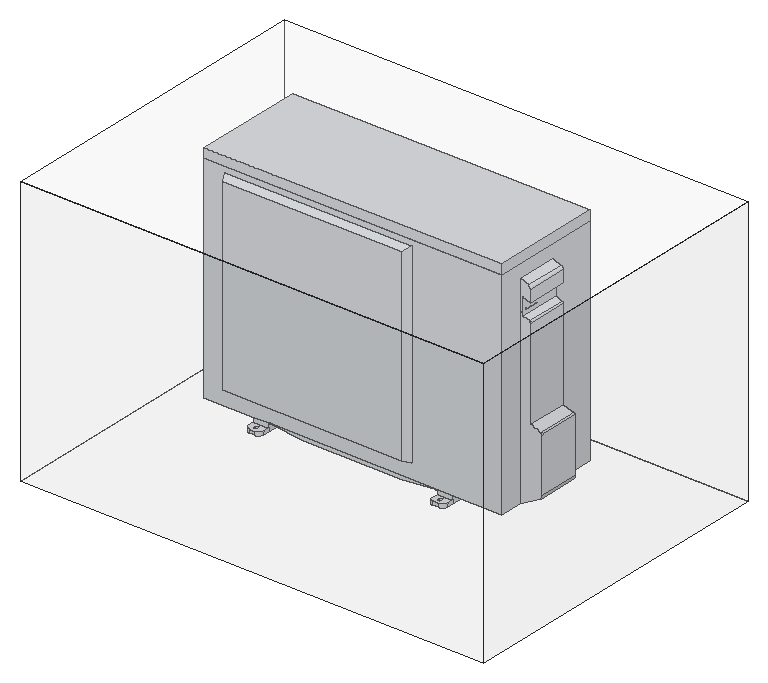
Revit family "puz-ermp4063ska14_60hz", category 機械設備, Revit 2019
Family settings
  丸型コネクタ寸法 = 直径を使用
  パーツ タイプ = 標準
  OmniClass 番号 = 23.75.10.24.21.27.27
  OmniClass タイトル = Split System Air Conditioning Units
  作業面ベース = いいえ
  常に垂直 = はい
  ロード時にボイドで切り取り = いいえ
  共有 = いいえ
  部屋計算ポイント = いいえ
Parameters (values of type "室外機_PUZ-ERMP40KA14 (-BS_BSG)")
  音響パワーレベル_暖房 (dB) = 66
  音響パワーレベル_冷房 (dB) = 64
  音響パワーレベル(dB) = [音響パワーレベル_暖房 (dB)]  # 66
  電源種別 = ""
  電源位置Y = 61 mm
  電源位置Z = 497.7 mm
  電源位置X = 400 mm
  電圧 = 200 V
  電動機出力_送風機 = 0.04 kW
  電動機出力_圧縮機 = 0.7 kW
  集中コントローラ [instance] = ""
  運転質量 = 0.00 kg
  運転方法 = "冷暖切替"
  質量 = if(製品質量 > 運転質量, 製品質量, 運転質量) * 1.2  # 45.60 kg
  負荷分類 = 1_熱源類
  説明 = "空冷H/P PAC インバータ室外機"
  設計暖房能力 [instance] = 0 kW
  設計冷房能力_顕熱 [instance] = 0 kW
  設計冷房能力 [instance] = 0 kW
  設置方法 = "床置形"
  記号 [instance] = ""
  製造元 = "三菱電機株式会社"
  製品質量 = 38.00 kg
  製品出荷対象 = "国内"
  製品リリース年月 = ""
  製品グループ = ""
  系統 [instance] = ""
  符号 = "PAC"
  積算_科目 = "1 空気調和設備"
  積算_拾い区分 [instance] = ""
  相 = 3
  盤記号 [instance] = ""
  発停方法 = "付属スイッチ"
  特殊仕様 [instance] = ""
  消費電力_暖房 = 0 kW
  消費電力_冷房 = 0 kW
  消費電力 = if(消費電力_冷房 > 消費電力_暖房, 消費電力_冷房, 消費電力_暖房)  # 0 kW
  法定耐用年数 = "6"
  構成品番 = "PUZ-ERMP40KA14 (-BS,-BSG)"
  極数 = 3
  材質 [instance] = ""
  本体マテリアル = none
  最小電線太さ_mm2 = 2
  最大電流値 = 0 A
  暖房能力 = 4 kW
  推奨ブレーカー容量 = 15 A
  据付ピッチ1 = 0 mm
  形式 = "パッケージ形 室外機"
  形名 = PUZ-ZRMP-1 : PUZ-ZRMP-1
  幹線記号 [instance] = ""
  始動方式 = "インバータ始動方式"
  呼称 = "パッケージ形空気調和機_室外機"
  周波数 = 60 Hz
  価格 = 0
  ドレン　位置Z = 8.5 mm
  ドレン　位置Y = 48.5 mm
  ドレン　位置X = 404.5 mm
  アンカーボルト位置Y = 330 mm
  アンカーボルト位置X = 500 mm
  参照している仕様書等のバージョン = "公共建築物標準仕様書（機械設備工事編）平成31年度版"
  分類コード = "5.0053E+13"
  分類グループ = ""
  冷房能力 = 3.6 kW
  冷媒管（ガス）位置X = 420 mm
  冷媒管（液）位置X = 420 mm
  冷媒管（液）位置Y = 153.75 mm
  冷媒管（ガス）位置Y = 153.75 mm
  冷媒管長 [instance] = 0 mm
  冷媒管径符号 = "Ac"
  冷媒管径 = 60.00 mm
  冷媒管位置Z = 158.95 mm
  冷媒管位置Y = (冷媒管（液）位置Y + 冷媒管（ガス）位置Y) / 2  # 153.75 mm
  冷媒管位置X = (冷媒管（液）位置X + 冷媒管（ガス）位置X) / 2  # 420 mm
  冷媒液管径 = 6.35 mm
  冷媒ガス管径 = 12.70 mm
  企業コード = "108420"
  付属品 [instance] = ""
  仕様書バージョン = "Version1.0"
  ユニット数 = 1
  ユニット3 = yes
  ユニット2 = yes
  Model = ""
  ドレン管径 = 42.00 mm
  サービススペース = yes
  コメント [instance] = ""
  ケーブル種類1 = ""
  【値が 0 の項目は組合せ形名にてご確認ください】 = ""
  Width = 809 mm
  Version = ""
  Uniclass2015Version = "Systems v1.9"
  Uniclass2015Title = "Split coil remote air cooled condensing units"
  Uniclass2015Code = "Pr_70_65_03_84"
  URL = "https://www.mitsubishielectric.co.jp/ldg/wink/ssl/top.do"
  SpecificationReference = ""
  SpecificationDescription = ""
  Revision = ""
  ProductInformation = ""
  OmniClassCode = "23-33 17 13 11"
  IfcTypeProduct = ""
  IfcProduct = ""
  IfcExportType = "AIRCONDITIONINGUNIT"
  IfcExportAs = "IfcUnitaryEquipmentType"
  Height = 630 mm
  Depth = 300 mm
  Clearance Top = 100 mm
  Clearance Right = 350 mm
  Clearance Left = 100 mm
  Clearance Front = 500 mm
  Clearance Bottom = 0 mm
  Clearance Back = 100 mm
  COP = 0
  Author = "三菱電機株式会社"
  APF = 0
Reference planes
  plane 1 "中心(正面/背面)": y = 74
  plane 2: z = 0
  plane 3 "中心(左/右)": x = 830
  plane 4 "右": x = 1234.5
  plane 5 "左": x = 425.5
  plane 6 "背面": y = 224
  plane 7 "正面": y = -76
  plane 8 "上部": z = 630
  plane 9 "Clearanse Top": z = 730
  plane 10 "SS_back": y = 324
  plane 11 "SS_front": y = -576
  plane 12 "SS_left": x = 325.5
  plane 13 "SS_right": x = 1584.5
  plane 14: z = 0
  plane 15: y = -15
  plane 16: x = 1230
  plane 17: z = 497.7
  plane 18: y = -13
  plane 19: y = 70.25
  plane 20: x = 1250
  plane 21: y = 175.5
  plane 22: x = 830
  plane 23: z = 10.5
  plane 24: z = 8.5
  plane 25: x = 580
  plane 26: x = 1080
  plane 27: y = 239
  plane 28: y = -91
Forms (mm)
  Extrusion 1, solid, detail levels fine
    sketch origin (0, -76, 0) x (1, 0, 0) y (0, 0, 1)
      loop
        circle (1230, 497.7) r 13.5
    from -63 to -61
  Extrusion 2, solid, detail levels fine
    sketch origin (-1437.329, -1524, 54) x (-1, 0, 0) y (0, -1, 0)
      loop
        circle (-2267.329, -1699.5) r 21
    from -45.5 to -43.5
  Sweep 3, solid, material <- "本体マテリアル", detail levels fine
    path origin (1250, 1296.25, 1200) x (0, 1, 0) y (0, 0, 1)
      loop
        line (-1226, -1041.05) -> (-1272.623, -1084.565)
    profile origin (1250, 46.939, 137.193) x (0, 0.682318, -0.731055) y (1, 0, 0)
      loop
        circle (0, 0) r 30
Lines and regions (mm)
  model lines, not visible
    curve 1: line (460, 178.667, 1289.179) -> (460, 297.73, 1289.179)
    curve 2: line (460, 178.667, 1056.056) -> (460, 178.667, 1289.179)
    curve 3: line (460, 297.73, 1056.056) -> (460, 178.667, 1056.056)
    curve 4: line (460, 297.73, 1289.179) -> (460, 297.73, 1056.056)
    curve 5: line (460, 47.598, 1289.179) -> (460, 166.661, 1289.179)
    curve 6: line (460, 47.598, 1056.056) -> (460, 47.598, 1289.179)
    curve 7: line (460, 166.661, 1056.056) -> (460, 47.598, 1056.056)
    curve 8: line (460, 166.661, 1289.179) -> (460, 166.661, 1056.056)
    curve 9: line (460, -83.471, 1289.179) -> (460, 35.592, 1289.179)
    curve 10: line (460, -83.471, 1056.056) -> (460, -83.471, 1289.179)
    curve 11: line (460, 35.592, 1056.056) -> (460, -83.471, 1056.056)
    curve 12: line (460, 35.592, 1289.179) -> (460, 35.592, 1056.056)
    curve 13: line (460, -150.779, 1289.179) -> (460, -95.75, 1289.179)
    curve 14: line (460, -150.779, 1056.056) -> (460, -150.779, 1289.179)
    curve 15: line (460, -95.75, 1056.056) -> (460, -150.779, 1056.056)
    curve 16: line (460, -95.75, 1289.179) -> (460, -95.75, 1056.056)
    curve 17: line (460, -150.779, 1283.175) -> (460, -132.596, 1283.175)
    curve 18: line (460, -150.779, 1062.059) -> (460, -150.779, 1283.175)
    curve 19: line (460, -132.596, 1062.059) -> (460, -150.779, 1062.059)
    curve 20: line (460, -132.596, 1283.175) -> (460, -132.596, 1062.059)
    curve 21: line (460, 178.667, 1046.051) -> (460, 297.73, 1046.051)
    curve 22: line (460, 178.667, 812.928) -> (460, 178.667, 1046.051)
    curve 23: line (460, 297.73, 812.928) -> (460, 178.667, 812.928)
    curve 24: line (460, 297.73, 1046.051) -> (460, 297.73, 812.928)
    curve 25: line (460, 47.598, 1046.051) -> (460, 166.661, 1046.051)
    curve 26: line (460, 47.598, 812.928) -> (460, 47.598, 1046.051)
    curve 27: line (460, 166.661, 812.928) -> (460, 47.598, 812.928)
    curve 28: line (460, 166.661, 1046.051) -> (460, 166.661, 812.928)
    curve 29: line (460, -83.471, 1046.051) -> (460, 35.592, 1046.051)
    curve 30: line (460, -83.471, 812.928) -> (460, -83.471, 1046.051)
    curve 31: line (460, 35.592, 812.928) -> (460, -83.471, 812.928)
    curve 32: line (460, 35.592, 1046.051) -> (460, 35.592, 812.928)
    curve 33: line (460, -150.779, 1046.051) -> (460, -95.75, 1046.051)
    curve 34: line (460, -150.779, 812.928) -> (460, -150.779, 1046.051)
    curve 35: line (460, -95.75, 812.928) -> (460, -150.779, 812.928)
    curve 36: line (460, -95.75, 1046.051) -> (460, -95.75, 812.928)
    curve 37: line (460, -150.779, 1040.048) -> (460, -132.596, 1040.048)
    curve 38: line (460, -150.779, 818.931) -> (460, -150.779, 1040.048)
    curve 39: line (460, -132.596, 818.931) -> (460, -150.779, 818.931)
    curve 40: line (460, -132.596, 1040.048) -> (460, -132.596, 818.931)
    curve 41: line (460, 178.667, 802.923) -> (460, 297.73, 802.923)
    curve 42: line (460, 178.667, 569.8) -> (460, 178.667, 802.923)
    curve 43: line (460, 297.73, 569.8) -> (460, 178.667, 569.8)
    curve 44: line (460, 297.73, 802.923) -> (460, 297.73, 569.8)
    curve 45: line (460, 47.598, 802.923) -> (460, 166.661, 802.923)
    curve 46: line (460, 47.598, 569.8) -> (460, 47.598, 802.923)
    curve 47: line (460, 166.661, 569.8) -> (460, 47.598, 569.8)
    curve 48: line (460, 166.661, 802.923) -> (460, 166.661, 569.8)
    curve 49: line (460, -83.471, 802.923) -> (460, 35.592, 802.923)
    curve 50: line (460, -83.471, 569.8) -> (460, -83.471, 802.923)
    curve 51: line (460, 35.592, 569.8) -> (460, -83.471, 569.8)
    curve 52: line (460, 35.592, 802.923) -> (460, 35.592, 569.8)
    curve 53: line (460, -150.779, 802.923) -> (460, -95.75, 802.923)
    curve 54: line (460, -150.779, 569.8) -> (460, -150.779, 802.923)
    curve 55: line (460, -95.75, 569.8) -> (460, -150.779, 569.8)
    curve 56: line (460, -95.75, 802.923) -> (460, -95.75, 569.8)
    curve 57: line (460, -150.779, 796.92) -> (460, -132.596, 796.92)
    curve 58: line (460, -150.779, 575.803) -> (460, -150.779, 796.92)
    curve 59: line (460, -132.596, 575.803) -> (460, -150.779, 575.803)
    curve 60: line (460, -132.596, 796.92) -> (460, -132.596, 575.803)
    curve 61: line (460, 178.667, 559.795) -> (460, 297.73, 559.795)
    curve 62: line (460, 178.667, 326.672) -> (460, 178.667, 559.795)
    curve 63: line (460, 297.73, 326.672) -> (460, 178.667, 326.672)
    curve 64: line (460, 297.73, 559.795) -> (460, 297.73, 326.672)
    curve 65: line (460, 47.598, 559.795) -> (460, 166.661, 559.795)
    curve 66: line (460, 47.598, 326.672) -> (460, 47.598, 559.795)
    curve 67: line (460, 166.661, 326.672) -> (460, 47.598, 326.672)
    curve 68: line (460, 166.661, 559.795) -> (460, 166.661, 326.672)
    curve 69: line (460, -83.471, 559.795) -> (460, 35.592, 559.795)
    curve 70: line (460, -83.471, 326.672) -> (460, -83.471, 559.795)
    curve 71: line (460, 35.592, 326.672) -> (460, -83.471, 326.672)
    curve 72: line (460, 35.592, 559.795) -> (460, 35.592, 326.672)
    curve 73: line (460, -150.779, 559.795) -> (460, -95.75, 559.795)
    curve 74: line (460, -150.779, 326.672) -> (460, -150.779, 559.795)
    curve 75: line (460, -95.75, 326.672) -> (460, -150.779, 326.672)
    curve 76: line (460, -95.75, 559.795) -> (460, -95.75, 326.672)
    curve 77: line (460, -150.779, 553.792) -> (460, -132.596, 553.792)
    curve 78: line (460, -150.779, 332.675) -> (460, -150.779, 553.792)
    curve 79: line (460, -132.596, 332.675) -> (460, -150.779, 332.675)
    curve 80: line (460, -132.596, 553.792) -> (460, -132.596, 332.675)
    curve 81: line (460, 178.667, 316.667) -> (460, 297.73, 316.667)
    curve 82: line (460, 178.667, 83.544) -> (460, 178.667, 316.667)
    curve 83: line (460, 297.73, 83.544) -> (460, 178.667, 83.544)
    curve 84: line (460, 297.73, 316.667) -> (460, 297.73, 83.544)
    curve 85: line (460, 47.598, 316.667) -> (460, 166.661, 316.667)
    curve 86: line (460, 47.598, 83.544) -> (460, 47.598, 316.667)
    curve 87: line (460, 166.661, 83.544) -> (460, 47.598, 83.544)
    curve 88: line (460, 166.661, 316.667) -> (460, 166.661, 83.544)
    curve 89: line (460, -83.471, 316.667) -> (460, 35.592, 316.667)
    curve 90: line (460, -83.471, 83.544) -> (460, -83.471, 316.667)
    curve 91: line (460, 35.592, 83.544) -> (460, -83.471, 83.544)
    curve 92: line (460, 35.592, 316.667) -> (460, 35.592, 83.544)
    curve 93: line (460, -150.779, 316.667) -> (460, -95.75, 316.667)
    curve 94: line (460, -150.779, 83.544) -> (460, -150.779, 316.667)
    curve 95: line (460, -95.75, 83.544) -> (460, -150.779, 83.544)
    curve 96: line (460, -95.75, 316.667) -> (460, -95.75, 83.544)
    curve 97: line (460, -150.779, 310.664) -> (460, -132.596, 310.664)
    curve 98: line (460, -150.779, 89.547) -> (460, -150.779, 310.664)
    curve 99: line (460, -132.596, 89.547) -> (460, -150.779, 89.547)
    curve 100: line (460, -132.596, 310.664) -> (460, -132.596, 89.547)
Dimensions and locks
  equal spacing: plane 7 "正面", plane 1 "中心(正面/背面)", plane 6 "背面"
  "Depth": plane 7 "正面" to plane 6 "背面"
  "Width": plane 5 "左" to plane 4 "右"
  equal spacing: plane 5 "左", plane 3 "中心(左/右)", plane 4 "右"
  "Clearance Left": plane 12 "SS_left" to plane 5 "左"
  "Clearance Right": plane 4 "右" to plane 13 "SS_right"
  "Clearance Back": plane 6 "背面" to plane 10 "SS_back"
  "Clearance Front": plane 11 "SS_front" to plane 7 "正面"
  "Height": plane 8 "上部" to level
  "Clearance Top": plane 9 "Clearanse Top" to plane 8 "上部"
  "Clearance Bottom": level to plane 14
  "電源位置X": plane 3 "中心(左/右)" to plane 16
  "電源位置Y": plane 7 "正面" to plane 15
  "電源位置Z": plane 17 to level
  locked: plane 15 to plane 18 at 2
  "冷媒管位置X": plane 3 "中心(左/右)" to plane 20
  "冷媒管位置Y": plane 19 to plane 6 "背面"
  "ドレン　位置X": plane 5 "左" to plane 22
  "ドレン　位置Y": plane 21 to plane 6 "背面"
  locked: plane 23 to plane 24 at 2
  "ドレン　位置Z": plane 24 to level
  equal spacing: plane 28, plane 1 "中心(正面/背面)", plane 27
  "アンカーボルト位置Y": plane 28 to plane 27
  equal spacing: plane 25, plane 3 "中心(左/右)", plane 26
  "アンカーボルト位置X": plane 25 to plane 26
  radius of Extrusion 1 sketch curve = 13.5 mm
  "ドレン管径": diameter of Extrusion 2 sketch curve
  "冷媒管径": diameter of Sweep 3 sketch curve
  aligned and locked: level to plane 2
  aligned and locked: plane 10 "SS_back" to nested 1  (x2)
  aligned and locked: plane 13 "SS_right" to nested 1
  aligned and locked: plane 12 "SS_left" to nested 1  (x2)
  aligned and locked: nested 1 to plane 13 "SS_right"
  aligned and locked: plane 11 "SS_front" to nested 1
  aligned and locked: plane 9 "Clearanse Top" to nested 1
  aligned and locked: plane 1 "中心(正面/背面)" to nested 2
  aligned and locked: plane 3 "中心(左/右)" to nested 2
  aligned and locked: plane 14 to nested 1
  aligned and locked: plane 17 to Extrusion 1 sketch curve
  aligned and locked: plane 16 to Extrusion 1 sketch curve
  aligned and locked: Extrusion 1 to plane 18
  aligned and locked: plane 15 to Extrusion 1
  aligned and locked: plane 22 to Extrusion 2 sketch curve
  aligned and locked: plane 21 to Extrusion 2 sketch curve
  aligned and locked: plane 23 to Extrusion 2
  aligned and locked: Extrusion 2 to plane 24
  aligned and locked: plane 25 to nested 3
  aligned and locked: plane 27 to nested 3
Automatic sketch dimensions
  Sweep 3 sketch curve to plane 18 = 36.627 mm
  plane 1 "中心(正面/背面)" to Sweep 3 sketch curve = 3.75 mm
  plane 23 to Sweep 3 sketch curve = 104.935 mm
  Sweep 3 sketch curve to Sweep 3 sketch curve = 43.515 mm
  Sweep 3 sketch curve to plane 20 = 0 mm
  Sweep 3 sketch curve to profile plane = 0 mm
Nested families
  nested 1: "サービススペース" at (955, -126, 365), visible <- "サービススペース", type "サービススペース"
    with Width 1259 mm, Height 730 mm, Depth 900 mm
  nested 2: "PUZ-ZRMP-1" at (830, 74, 0), type <- "形名", type "PUZ-ZRMP-1"
  nested 3: "固定点" at (580, -91, 0), type "固定点"
    with 中心円 10 mm, W 500 mm, D 330 mm
Connectors
  electrical at (1230, -15, 497.7), driven by "極数", driven by "負荷分類", driven by "電圧", driven by "消費電力"
    settings: on Extrusion 1, index 2, voltage 200 V, apparent load 0 VA, apparent load phase1 0 VA, apparent load phase2 0 VA, apparent load phase3 0 VA, power factor 1, load classification "1_熱源類", number of poles 3, system type 30, power factor state 1, is connector primary yes, connector utility no, sub classification motor no, connector description ""
  piping at (1250, 70.25, 158.95), diameter 60, driven by "冷媒管径", driven by "冷媒管径符号"
    settings: on Sweep 3, index 3, connector inside diameter 609.60 mm, connector length 0 mm, flow factor 0, pipe flow 0.0 L/s, pressure drop 0.0 Pa, fitting loss kfactor 0, connector angle 0.00°, fixture units 0, engagement length 0 mm, angle of deflection 0.00°, flow configuration 1, flow direction 2, fitting loss method 4, system type 7, joint type 0, gender type 0, connector reference index -1, connector utility 0, adjustable connector no, is connector primary yes, connector description "Ac"
Definition of nested family "サービススペース"
  Parameters (values of type "サービススペース")
    Width [instance] = 500 mm
    Height [instance] = 500 mm
    Depth [instance] = 500 mm
  Reference planes
    plane 1 "中心(正面/背面)": y = 0
    plane 2: z = 0
    plane 3 "中心(左/右)": x = 0
    plane 4: y = -250
    plane 5: x = 250
    plane 6: y = 250
    plane 7: x = -250
    plane 8: z = 250
    plane 9: z = -250
  Forms (mm)
    Extrusion 1, solid
      sketch origin (-638.939, 0, 72.39) x (1, 0, 0) y (0, 1, 0)
        loop
          line (388.939, 250) -> (388.939, -250) -> (888.939, -250) -> (888.939, 250) -> (388.939, 250)
      from -322.39 to 177.61
  Lines and regions (mm)
    symbolic lines
      curve 1: line (-250, 0, 250) -> (250, 0, 250)
      curve 2: line (-250, 0, -250) -> (-250, 0, 250)
      curve 3: line (250, 0, -250) -> (-250, 0, -250)
      curve 4: line (250, 0, 250) -> (250, 0, -250)
      curve 5: line (0, -250, 250) -> (0, 250, 250)
      curve 6: line (0, -250, -250) -> (0, -250, 250)
      curve 7: line (0, 250, -250) -> (0, -250, -250)
      curve 8: line (0, 250, 250) -> (0, 250, -250)
      curve 9: line (-250, 250, 0) -> (250, 250, 0)
      curve 10: line (-250, -250, 0) -> (-250, 250, 0)
      curve 11: line (250, -250, 0) -> (-250, -250, 0)
      curve 12: line (250, 250, 0) -> (250, -250, 0)
  Dimensions and locks
    equal spacing: plane 7, plane 3 "中心(左/右)", plane 5
    equal spacing: plane 4, plane 1 "中心(正面/背面)", plane 6
    "Depth": plane 4 to plane 6
    "Width": plane 7 to plane 5
    equal spacing: plane 8, plane 2, plane 9
    "Height": plane 8 to plane 9
    aligned and locked: plane 9 to curve 3
    aligned and locked: plane 7 to curve 2
    aligned and locked: curve 4 to plane 5
    aligned and locked: plane 5 to Extrusion 1
    aligned and locked: Extrusion 1 to plane 7
    aligned and locked: Extrusion 1 to plane 9
    aligned and locked: plane 8 to Extrusion 1
    aligned and locked: plane 9 to curve 7
  Automatic sketch dimensions
    plane 4 to Extrusion 1 sketch curve = 0 mm
    Extrusion 1 sketch curve to plane 7 = 0 mm
    Extrusion 1 sketch curve to plane 5 = 0 mm
    plane 6 to Extrusion 1 sketch curve = 0 mm
    curve 2 to plane 8 = 0 mm
    plane 4 to curve 11 = 0 mm
    curve 11 to plane 7 = 0 mm
    curve 11 to plane 5 = 0 mm
    plane 6 to curve 10 = 0 mm
    curve 7 to plane 4 = 0 mm
    curve 7 to plane 6 = 0 mm
    curve 6 to plane 8 = 0 mm
Definition of nested family "PUZ-ZRMP-1"
  Parameters (values of type "PUZ-ZRMP-1")
    配線取出口サイズ = 27 mm
    配線取出口-Z = 497.7 mm
    配線取出口-Y = 239 mm
    配線取出口-X = 400 mm
    液配管サイズ = 50 mm
    高さ = 630 mm
    換気-W = 310 mm
    換気-H2 = 632 mm
    換気-H1 = 325 mm
    換気-D = 20 mm
    奥行き = 300 mm
    吊りボルト_H = 0 mm
    吊りボルト-φ = 10 mm
    冷媒配管サイズ = 6.35 mm
    冷媒液管径-Z = 164.5 mm
    冷媒液管径-Y = 185.5 mm
    冷媒液管径-X = 420 mm
    冷媒ガス管径-Z = 99.5 mm
    冷媒ガス管径-Y = 185.5 mm
    冷媒ガス管径-X = 420 mm
    吊りボルト-W = 500 mm
    マテリアル = none
    ドレン配管サイズ = 42 mm
    ドレン管径-Z = 0 mm
    ドレン管径-Y = 251.5 mm
    ドレン管径-X = 404.5 mm
    タイプ3 = no
    タイプ2 = no
    タイプ1 = yes
    ガス配管サイズ = 12.7 mm
    吊りボルト-D = 330 mm
    幅さ = 809 mm
    a = 600 mm
  Reference planes
    plane 1 "中心(正面/背面)": y = 0
    plane 2: z = 0
    plane 3 "中心(左/右)": x = 0
    plane 4: z = 630
    plane 5: x = -404.5
    plane 6: x = 404.5
    plane 7: y = 150
    plane 8: y = -150
    plane 9: x = 466.5
    plane 10: y = -90
    plane 11: y = 20
    plane 12: z = 605
    plane 13: x = -424.5
    plane 14: x = -250
    plane 15: x = 250
    plane 16: y = 165
    plane 17: y = -165
    plane 18: x = 270
    plane 19: x = 230
    plane 20: x = -230
    plane 21: x = -270
    plane 22: y = 180
    plane 23: y = -180
    plane 24: z = 8.5
    plane 25: z = 20
    plane 26: z = 11.5
    plane 27: x = -135
    plane 28: x = 135
    plane 29: z = 625
    plane 30: y = -40
    plane 31: y = 40
    plane 32: y = -30
    plane 33: y = 30
    plane 34: z = 610
    plane 35: z = 55
    plane 36: z = 225
    plane 37: z = 570
    plane 38: x = 414.5
    plane 39: x = 435.5
    plane 40: y = -170
    plane 41: x = -94.5
    plane 42: z = 325
    plane 43: x = 159.5
    plane 44: x = -348.5
    plane 45: z = 589
    plane 46: z = 61
    plane 47: x = -338.5
    plane 48: x = 149.5
    plane 49: z = 579
    plane 50: z = 71
    plane 51: y = 100
    plane 52: y = -100
    plane 53: x = 0
    plane 54: y = 101.5
    plane 55: x = 420
    plane 56: x = 400
    plane 57: y = -89
    plane 58: y = -35.5
    plane 59: y = -35.5
    plane 60: x = 420
    plane 61: z = 99.5
    plane 62: z = 164.5
    plane 63: z = 497.7
    plane 64: y = -39
    plane 65: z = 137.3
    plane 66: z = 180.6
    plane 67: x = 420
    plane 68: y = -35.5
    plane 69 "グループ": x = -600
    plane 70: z = 1338
    plane 71: z = 943
    plane 72: z = 957
    plane 73: z = 1221
    plane 74: z = 693
    plane 75: z = 1211
    plane 76: z = 703
    plane 77: y = -12.5
    plane 78: y = 5
    plane 79: y = -3.75
  Forms (mm)
    Extrusion 1, solid, visible <- "タイプ1", detail levels fine
      sketch origin (-1437.329, -1524, 630) x (-1, 0, 0) y (0, -1, 0)
        loop
          line (-1167.329, -1674) -> (-1167.329, -1374) -> (-1207.329, -1374) -> (-1207.329, -1674) -> (-1167.329, -1674)
        loop
          line (-1667.329, -1674) -> (-1667.329, -1374) -> (-1707.329, -1374) -> (-1707.329, -1674) -> (-1667.329, -1674)
      from -630 to -610
    Extrusion 2, solid, material <- "マテリアル", visible <- "タイプ1", detail levels fine
      sketch origin (0, 0, 0) x (1, 0, 0) y (0, 0, 1)
        loop
          line (-230, 20) -> (-135, 11.5) -> (135, 11.5) -> (230, 20) -> (-230, 20)
      from -150 to 150
    Extrusion 3, solid, material <- "マテリアル", visible <- "タイプ1", detail levels fine
      sketch origin (-1437.329, -1524, 630) x (-1, 0, 0) y (0, -1, 0)
        loop
          circle (-1437.329, -1625.5) r 21
      from -621.5 to -618.5
    Extrusion 4, solid, material <- "マテリアル", visible <- "タイプ1", detail levels fine
      sketch origin (-1437.329, -1524, 630) x (-1, 0, 0) y (0, -1, 0)
        loop
          line (-1841.829, -1674) -> (-1032.829, -1674) -> (-1032.829, -1374) -> (-1841.829, -1374) -> (-1841.829, -1674)
      from -610 to -25
    Extrusion 5, solid, material <- "マテリアル", visible <- "タイプ1", detail levels fine
      sketch origin (-1437.329, -1524, 630) x (-1, 0, 0) y (0, -1, 0)
        loop
          line (-1032.829, -1674) -> (-1032.829, -1374) -> (-1841.829, -1374) -> (-1841.829, -1674) -> (-1032.829, -1674)
      from -25 to 0
    Blend 6, solid, material <- "マテリアル", visible <- "タイプ1", detail levels fine
      base sketch origin (0, 0, 0) x (0, 1, 0) y (0, 0, 1)
        loop
          line (40, 625) -> (-40, 625) -> (-40, 605) -> (40, 605) -> (40, 625)
      top sketch origin (0, 0, 0) x (0, 1, 0) y (0, 0, 1)
        loop
          line (30, 610) -> (-30, 610) -> (-30, 605) -> (30, 605) -> (30, 610)
      from -404.5 to -424.5
    Extrusion 7, solid, material <- "マテリアル", visible <- "タイプ1", detail levels fine
      sketch origin (0, 0, 0) x (1, 0, 0) y (0, 0, 1)
        loop
          line (404.5, 570) -> (404.5, 20) -> (461.416, 52.13)
          arc (461.416, 52.13) -> (465.136, 55.796) -> (466.5, 60.838) r 10
          line (466.5, 60.838) -> (466.5, 210.216)
          arc (466.5, 210.216) -> (465.596, 213.084) -> (463.21, 214.914) r 5
          line (463.21, 214.914) -> (435.5, 225) -> (435.5, 470.082)
          arc (435.5, 470.082) -> (434.596, 472.95) -> (432.21, 474.78) r 5
          line (432.21, 474.78) -> (414.5, 481.226) -> (414.5, 529.114) -> (435.5, 521.471) -> (435.5, 551.715)
          arc (435.5, 551.715) -> (433.692, 557.451) -> (428.92, 561.112) r 10
          line (428.92, 561.112) -> (404.5, 570)
      from -20 to 90
    Blend 8, solid, material <- "マテリアル", visible <- "タイプ1", detail levels fine
      base sketch origin (0, 0, 0) x (1, 0, 0) y (0, 0, 1)
        loop
          line (-348.5, 589) -> (-348.5, 61) -> (159.5, 61) -> (159.5, 589) -> (-348.5, 589)
      top sketch origin (0, 0, 0) x (1, 0, 0) y (0, 0, 1)
        loop
          line (-338.5, 579) -> (-338.5, 71) -> (149.5, 71) -> (149.5, 579) -> (-338.5, 579)
      from 150 to 170
    Extrusion 9, solid, material <- "マテリアル", visible <- "タイプ1", detail levels fine
      sketch origin (1480.036, -170, 1200) x (1, 0, 0) y (0, 0, 1)
        loop
          circle (-1080.036, -702.3) r 13.5
      from -131 to -81
    Extrusion 10, solid, visible <- "タイプ1", detail levels fine
      sketch origin (-1437.329, -1524, 630) x (-1, 0, 0) y (0, -1, 0)
        loop
          line (-1167.329, -1704) -> (-1167.329, -1674) -> (-1207.329, -1674) -> (-1207.329, -1704) -> (-1192.329, -1704) -> (-1192.329, -1689)
          arc (-1192.329, -1689) -> (-1187.329, -1684) -> (-1182.329, -1689) r 5
          line (-1182.329, -1689) -> (-1182.329, -1704) -> (-1167.329, -1704)
        loop
          line (-1667.329, -1704) -> (-1667.329, -1674) -> (-1707.329, -1674) -> (-1707.329, -1704) -> (-1692.329, -1704) -> (-1692.329, -1689)
          arc (-1692.329, -1689) -> (-1687.329, -1684) -> (-1682.329, -1689) r 5
          line (-1682.329, -1689) -> (-1682.329, -1704) -> (-1667.329, -1704)
        loop
          line (-1667.329, -1374) -> (-1667.329, -1354)
          arc (-1667.329, -1354) -> (-1670.258, -1346.929) -> (-1677.329, -1344) r 10
          line (-1677.329, -1344) -> (-1694.129, -1344)
          arc (-1694.129, -1344) -> (-1703.463, -1347.866) -> (-1707.329, -1357.2) r 13.2
          line (-1707.329, -1357.2) -> (-1707.329, -1374) -> (-1667.329, -1374)
        loop
          line (-1167.329, -1374) -> (-1167.329, -1357.2)
          arc (-1167.329, -1357.2) -> (-1171.196, -1347.866) -> (-1180.529, -1344) r 13.2
          line (-1180.529, -1344) -> (-1194.129, -1344)
          arc (-1194.129, -1344) -> (-1203.463, -1347.866) -> (-1207.329, -1357.2) r 13.2
          line (-1207.329, -1357.2) -> (-1207.329, -1374) -> (-1167.329, -1374)
        loop
          arc (-1192.329, -1359) -> (-1187.329, -1364) -> (-1182.329, -1359) r 5
          line (-1182.329, -1359) -> (-1182.329, -1357.2)
          arc (-1182.329, -1357.2) -> (-1187.329, -1352.2) -> (-1192.329, -1357.2) r 5
          line (-1192.329, -1357.2) -> (-1192.329, -1359)
        loop
          arc (-1692.329, -1359) -> (-1687.329, -1364) -> (-1682.329, -1359) r 5
          line (-1682.329, -1359) -> (-1682.329, -1357.2)
          arc (-1682.329, -1357.2) -> (-1687.329, -1352.2) -> (-1692.329, -1357.2) r 5
          line (-1692.329, -1357.2) -> (-1692.329, -1359)
      from -621.5 to -630
    Sweep 11, solid, material <- "マテリアル", visible <- "タイプ1", detail levels fine
      path origin (420, 1296.25, 1200) x (0, 1, 0) y (0, 0, 1)
        loop
          line (-1331.75, -1035.5) -> (-1308.75, -1019.4)
      profile origin (420, -24, 172.55) x (0, -0.573462, 0.819232) y (1, 0, 0)
        loop
          circle (0, 0) r 3.175
    Sweep 12, solid, material <- "マテリアル", visible <- "タイプ1", detail levels fine
      path origin (420, 1296.25, 1200) x (0, 1, 0) y (0, 0, 1)
        loop
          line (-1331.75, -1100.5) -> (-1291.25, -1062.7)
      profile origin (420, -15.25, 118.4) x (0, -0.682318, 0.731055) y (1, 0, 0)
        loop
          circle (0, 0) r 6.35
  Lines and regions (mm)
    Masking region 1, visible <- "タイプ1", detail levels coarse+medium
      outline origin (-1437.329, -1524, 630) x (-1, 0, 0) y (0, -1, 0)
        loop
          line (-1841.829, -1674) -> (-1707.329, -1674) -> (-1707.329, -1704) -> (-1667.329, -1704) -> (-1667.329, -1674) -> (-1207.329, -1674) -> (-1207.329, -1704) -> (-1167.329, -1704) -> (-1167.329, -1674) -> (-1032.829, -1674) -> (-1032.829, -1564) -> (-1012.829, -1554) -> (-1012.829, -1494) -> (-1032.829, -1484) -> (-1032.829, -1374) -> (-1088.829, -1374) -> (-1098.829, -1354) -> (-1164.523, -1354)
          arc (-1164.523, -1354) -> (-1169.205, -1346.796) -> (-1177.329, -1344) r 13.2
          line (-1177.329, -1344) -> (-1193.997, -1344)
          arc (-1193.997, -1344) -> (-1202.121, -1346.796) -> (-1206.804, -1354) r 13.2
          line (-1206.804, -1354) -> (-1586.829, -1354) -> (-1596.829, -1374) -> (-1667.329, -1374) -> (-1667.329, -1354)
          arc (-1667.329, -1354) -> (-1670.258, -1346.929) -> (-1677.329, -1344) r 10
          line (-1677.329, -1344) -> (-1694.129, -1344)
          arc (-1694.129, -1344) -> (-1703.463, -1347.866) -> (-1707.329, -1357.2) r 13.2
          line (-1707.329, -1357.2) -> (-1707.329, -1374) -> (-1841.829, -1374) -> (-1841.829, -1434) -> (-1903.829, -1434) -> (-1903.829, -1544) -> (-1841.829, -1544) -> (-1841.829, -1674)
    model lines, visible <- "タイプ1", detail levels fine
      curve 1: line (324.5, 100, 630) -> (-324.5, 100, 630)
      curve 2: line (-324.5, -100, 630) -> (324.5, -100, 630)
      curve 3: line (-324.5, -40, 630) -> (324.5, -40, 630)
      curve 4: line (324.5, 40, 630) -> (-324.5, 40, 630)
      curve 5: line (-324.5, -30, 630) -> (324.5, -30, 630)
      curve 6: line (324.5, 30, 630) -> (-324.5, 30, 630)
      curve 7: line (-324.5, 100, 630) -> (-324.5, 40, 630)
      curve 8: line (324.5, -100, 630) -> (324.5, -40, 630)
      curve 9: line (-324.5, 30, 630) -> (-324.5, -30, 630)
      curve 10: line (-324.5, -40, 630) -> (-324.5, -100, 630)
      curve 11: line (324.5, -30, 630) -> (324.5, 30, 630)
      curve 12: line (324.5, 40, 630) -> (324.5, 100, 630)
      curve 13: line (354.5, -100, 630) -> (354.5, 100, 630)
      curve 14: line (339.5, -100, 630) -> (339.5, 100, 630)
      curve 15: line (-354.5, 100, 630) -> (-354.5, -100, 630)
      curve 16: line (-339.5, 100, 630) -> (-339.5, -100, 630)
      curve 17: line (-339.5, 100, 630) -> (-354.5, 100, 630)
      curve 18: line (-339.5, -100, 630) -> (-354.5, -100, 630)
      curve 19: line (339.5, 100, 630) -> (354.5, 100, 630)
      curve 20: line (339.5, -100, 630) -> (354.5, -100, 630)
      curve 21: line (-338.5, -170, 372.5) -> (149.5, -170, 372.5)
      curve 22: line (149.5, -170, 277.5) -> (-338.5, -170, 277.5)
      curve 23: line (-338.5, -170, 467.5) -> (149.5, -170, 467.5)
      curve 24: line (-338.5, -170, 562.5) -> (149.5, -170, 562.5)
      curve 25: line (149.5, -170, 182.5) -> (-338.5, -170, 182.5)
      curve 26: line (149.5, -170, 87.5) -> (-338.5, -170, 87.5)
      curve 27: line (-321.071, -170, 579) -> (-321.071, -170, 71)
      curve 28: line (132.071, -170, 71) -> (132.071, -170, 579)
      curve 29: line (-303.643, -170, 579) -> (-303.643, -170, 71)
      curve 30: line (-286.214, -170, 579) -> (-286.214, -170, 71)
      curve 31: line (-268.786, -170, 579) -> (-268.786, -170, 71)
      curve 32: line (-251.357, -170, 579) -> (-251.357, -170, 71)
      curve 33: line (-233.929, -170, 579) -> (-233.929, -170, 71)
      curve 34: line (-216.5, -170, 579) -> (-216.5, -170, 71)
      curve 35: line (-199.071, -170, 579) -> (-199.071, -170, 71)
      curve 36: line (-181.643, -170, 579) -> (-181.643, -170, 71)
      curve 37: line (-164.214, -170, 579) -> (-164.214, -170, 71)
      curve 38: line (-146.786, -170, 579) -> (-146.786, -170, 71)
      curve 39: line (-129.357, -170, 579) -> (-129.357, -170, 71)
      curve 40: line (-111.929, -170, 579) -> (-111.929, -170, 71)
      curve 41: line (-94.5, -170, 579) -> (-94.5, -170, 71)
      curve 42: line (-77.071, -170, 579) -> (-77.071, -170, 71)
      curve 43: line (-59.643, -170, 579) -> (-59.643, -170, 71)
      curve 44: line (-42.214, -170, 579) -> (-42.214, -170, 71)
      curve 45: line (-24.786, -170, 579) -> (-24.786, -170, 71)
      curve 46: line (-7.357, -170, 579) -> (-7.357, -170, 71)
      curve 47: line (10.071, -170, 579) -> (10.071, -170, 71)
      curve 48: line (27.5, -170, 579) -> (27.5, -170, 71)
      curve 49: line (44.929, -170, 579) -> (44.929, -170, 71)
      curve 50: line (62.357, -170, 579) -> (62.357, -170, 71)
      curve 51: line (79.786, -170, 579) -> (79.786, -170, 71)
      curve 52: line (97.214, -170, 579) -> (97.214, -170, 71)
      curve 53: line (114.643, -170, 579) -> (114.643, -170, 71)
      curve 54: line (-404.5, -10, 574) -> (-404.5, -10, 584)
      curve 55: line (-404.5, -100, 584) -> (-404.5, -100, 574)
      curve 56: line (-404.5, 100, 584) -> (-404.5, 100, 574)
      curve 57: line (-404.5, 10, 584) -> (-404.5, 10, 574)
      curve 58: line (-404.5, 95, 589) -> (-404.5, 15, 589)
      curve 59: line (-404.5, -15, 589) -> (-404.5, -95, 589)
      curve 60: line (-404.5, -15, 569) -> (-404.5, -95, 569)
      curve 61: line (-404.5, 95, 569) -> (-404.5, 15, 569)
      curve 62: arc (-404.5, 100, 584) -> (-404.5, 98.536, 587.536) -> (-404.5, 95, 589) r 5
      curve 63: arc (-404.5, 95, 569) -> (-404.5, 98.536, 570.464) -> (-404.5, 100, 574) r 5
      curve 64: arc (-404.5, 10, 584) -> (-404.5, 11.464, 587.536) -> (-404.5, 15, 589) r 5
      curve 65: arc (-404.5, 10, 574) -> (-404.5, 11.464, 570.464) -> (-404.5, 15, 569) r 5
      curve 66: arc (-404.5, -10, 584) -> (-404.5, -11.464, 587.536) -> (-404.5, -15, 589) r 5
      curve 67: arc (-404.5, -15, 569) -> (-404.5, -11.464, 570.464) -> (-404.5, -10, 574) r 5
      curve 68: arc (-404.5, -95, 589) -> (-404.5, -98.536, 587.536) -> (-404.5, -100, 584) r 5
      curve 69: arc (-404.5, -100, 574) -> (-404.5, -98.536, 570.464) -> (-404.5, -95, 569) r 5
      curve 70: line (-404.5, -10, 544) -> (-404.5, -10, 554)
      curve 71: line (-404.5, -100, 554) -> (-404.5, -100, 544)
      curve 72: line (-404.5, 100, 554) -> (-404.5, 100, 544)
      curve 73: line (-404.5, 10, 554) -> (-404.5, 10, 544)
      curve 74: line (-404.5, 95, 559) -> (-404.5, 15, 559)
      curve 75: line (-404.5, -15, 559) -> (-404.5, -95, 559)
      curve 76: line (-404.5, -15, 539) -> (-404.5, -95, 539)
      curve 77: line (-404.5, 95, 539) -> (-404.5, 15, 539)
      curve 78: arc (-404.5, 100, 554) -> (-404.5, 98.536, 557.536) -> (-404.5, 95, 559) r 5
      curve 79: arc (-404.5, 95, 539) -> (-404.5, 98.536, 540.464) -> (-404.5, 100, 544) r 5
      curve 80: arc (-404.5, 10, 554) -> (-404.5, 11.464, 557.536) -> (-404.5, 15, 559) r 5
      curve 81: arc (-404.5, 10, 544) -> (-404.5, 11.464, 540.464) -> (-404.5, 15, 539) r 5
      curve 82: arc (-404.5, -10, 554) -> (-404.5, -11.464, 557.536) -> (-404.5, -15, 559) r 5
      curve 83: arc (-404.5, -15, 539) -> (-404.5, -11.464, 540.464) -> (-404.5, -10, 544) r 5
      curve 84: arc (-404.5, -95, 559) -> (-404.5, -98.536, 557.536) -> (-404.5, -100, 554) r 5
      curve 85: arc (-404.5, -100, 544) -> (-404.5, -98.536, 540.464) -> (-404.5, -95, 539) r 5
      curve 86: line (-404.5, -10, 514) -> (-404.5, -10, 524)
      curve 87: line (-404.5, -100, 524) -> (-404.5, -100, 514)
      curve 88: line (-404.5, 100, 524) -> (-404.5, 100, 514)
      curve 89: line (-404.5, 10, 524) -> (-404.5, 10, 514)
      curve 90: line (-404.5, 95, 529) -> (-404.5, 15, 529)
      curve 91: line (-404.5, -15, 529) -> (-404.5, -95, 529)
      curve 92: line (-404.5, -15, 509) -> (-404.5, -95, 509)
      curve 93: line (-404.5, 95, 509) -> (-404.5, 15, 509)
      curve 94: arc (-404.5, 100, 524) -> (-404.5, 98.536, 527.536) -> (-404.5, 95, 529) r 5
      curve 95: arc (-404.5, 95, 509) -> (-404.5, 98.536, 510.464) -> (-404.5, 100, 514) r 5
      curve 96: arc (-404.5, 10, 524) -> (-404.5, 11.464, 527.536) -> (-404.5, 15, 529) r 5
      curve 97: arc (-404.5, 10, 514) -> (-404.5, 11.464, 510.464) -> (-404.5, 15, 509) r 5
      curve 98: arc (-404.5, -10, 524) -> (-404.5, -11.464, 527.536) -> (-404.5, -15, 529) r 5
      curve 99: arc (-404.5, -15, 509) -> (-404.5, -11.464, 510.464) -> (-404.5, -10, 514) r 5
      curve 100: arc (-404.5, -95, 529) -> (-404.5, -98.536, 527.536) -> (-404.5, -100, 524) r 5
      curve 101: arc (-404.5, -100, 514) -> (-404.5, -98.536, 510.464) -> (-404.5, -95, 509) r 5
      curve 102: line (-404.5, -10, 484) -> (-404.5, -10, 494)
      curve 103: line (-404.5, -100, 494) -> (-404.5, -100, 484)
      curve 104: line (-404.5, 100, 494) -> (-404.5, 100, 484)
      curve 105: line (-404.5, 10, 494) -> (-404.5, 10, 484)
      curve 106: line (-404.5, 95, 499) -> (-404.5, 15, 499)
      curve 107: line (-404.5, -15, 499) -> (-404.5, -95, 499)
      curve 108: line (-404.5, -15, 479) -> (-404.5, -95, 479)
      curve 109: line (-404.5, 95, 479) -> (-404.5, 15, 479)
      curve 110: arc (-404.5, 100, 494) -> (-404.5, 98.536, 497.536) -> (-404.5, 95, 499) r 5
      curve 111: arc (-404.5, 95, 479) -> (-404.5, 98.536, 480.464) -> (-404.5, 100, 484) r 5
      curve 112: arc (-404.5, 10, 494) -> (-404.5, 11.464, 497.536) -> (-404.5, 15, 499) r 5
      curve 113: arc (-404.5, 10, 484) -> (-404.5, 11.464, 480.464) -> (-404.5, 15, 479) r 5
      curve 114: arc (-404.5, -10, 494) -> (-404.5, -11.464, 497.536) -> (-404.5, -15, 499) r 5
      curve 115: arc (-404.5, -15, 479) -> (-404.5, -11.464, 480.464) -> (-404.5, -10, 484) r 5
      curve 116: arc (-404.5, -95, 499) -> (-404.5, -98.536, 497.536) -> (-404.5, -100, 494) r 5
      curve 117: arc (-404.5, -100, 484) -> (-404.5, -98.536, 480.464) -> (-404.5, -95, 479) r 5
      curve 118: line (-404.5, -10, 454) -> (-404.5, -10, 464)
      curve 119: line (-404.5, -100, 464) -> (-404.5, -100, 454)
      curve 120: line (-404.5, 100, 464) -> (-404.5, 100, 454)
      curve 121: line (-404.5, 10, 464) -> (-404.5, 10, 454)
      curve 122: line (-404.5, 95, 469) -> (-404.5, 15, 469)
      curve 123: line (-404.5, -15, 469) -> (-404.5, -95, 469)
      curve 124: line (-404.5, -15, 449) -> (-404.5, -95, 449)
      curve 125: line (-404.5, 95, 449) -> (-404.5, 15, 449)
      curve 126: arc (-404.5, 100, 464) -> (-404.5, 98.536, 467.536) -> (-404.5, 95, 469) r 5
      curve 127: arc (-404.5, 95, 449) -> (-404.5, 98.536, 450.464) -> (-404.5, 100, 454) r 5
      curve 128: arc (-404.5, 10, 464) -> (-404.5, 11.464, 467.536) -> (-404.5, 15, 469) r 5
      curve 129: arc (-404.5, 10, 454) -> (-404.5, 11.464, 450.464) -> (-404.5, 15, 449) r 5
      curve 130: arc (-404.5, -10, 464) -> (-404.5, -11.464, 467.536) -> (-404.5, -15, 469) r 5
      curve 131: arc (-404.5, -15, 449) -> (-404.5, -11.464, 450.464) -> (-404.5, -10, 454) r 5
      curve 132: arc (-404.5, -95, 469) -> (-404.5, -98.536, 467.536) -> (-404.5, -100, 464) r 5
      curve 133: arc (-404.5, -100, 454) -> (-404.5, -98.536, 450.464) -> (-404.5, -95, 449) r 5
      curve 134: line (-404.5, -10, 424) -> (-404.5, -10, 434)
      curve 135: line (-404.5, -100, 434) -> (-404.5, -100, 424)
      curve 136: line (-404.5, 100, 434) -> (-404.5, 100, 424)
      curve 137: line (-404.5, 10, 434) -> (-404.5, 10, 424)
      curve 138: line (-404.5, 95, 439) -> (-404.5, 15, 439)
      curve 139: line (-404.5, -15, 439) -> (-404.5, -95, 439)
      curve 140: line (-404.5, -15, 419) -> (-404.5, -95, 419)
      curve 141: line (-404.5, 95, 419) -> (-404.5, 15, 419)
      curve 142: arc (-404.5, 100, 434) -> (-404.5, 98.536, 437.536) -> (-404.5, 95, 439) r 5
      curve 143: arc (-404.5, 95, 419) -> (-404.5, 98.536, 420.464) -> (-404.5, 100, 424) r 5
      curve 144: arc (-404.5, 10, 434) -> (-404.5, 11.464, 437.536) -> (-404.5, 15, 439) r 5
      curve 145: arc (-404.5, 10, 424) -> (-404.5, 11.464, 420.464) -> (-404.5, 15, 419) r 5
      curve 146: arc (-404.5, -10, 434) -> (-404.5, -11.464, 437.536) -> (-404.5, -15, 439) r 5
      curve 147: arc (-404.5, -15, 419) -> (-404.5, -11.464, 420.464) -> (-404.5, -10, 424) r 5
      curve 148: arc (-404.5, -95, 439) -> (-404.5, -98.536, 437.536) -> (-404.5, -100, 434) r 5
      curve 149: arc (-404.5, -100, 424) -> (-404.5, -98.536, 420.464) -> (-404.5, -95, 419) r 5
      curve 150: line (-404.5, -10, 394) -> (-404.5, -10, 404)
      curve 151: line (-404.5, -100, 404) -> (-404.5, -100, 394)
      curve 152: line (-404.5, 100, 404) -> (-404.5, 100, 394)
      curve 153: line (-404.5, 10, 404) -> (-404.5, 10, 394)
      curve 154: line (-404.5, 95, 409) -> (-404.5, 15, 409)
      curve 155: line (-404.5, -15, 409) -> (-404.5, -95, 409)
      curve 156: line (-404.5, -15, 389) -> (-404.5, -95, 389)
      curve 157: line (-404.5, 95, 389) -> (-404.5, 15, 389)
      curve 158: arc (-404.5, 100, 404) -> (-404.5, 98.536, 407.536) -> (-404.5, 95, 409) r 5
      curve 159: arc (-404.5, 95, 389) -> (-404.5, 98.536, 390.464) -> (-404.5, 100, 394) r 5
      curve 160: arc (-404.5, 10, 404) -> (-404.5, 11.464, 407.536) -> (-404.5, 15, 409) r 5
      curve 161: arc (-404.5, 10, 394) -> (-404.5, 11.464, 390.464) -> (-404.5, 15, 389) r 5
      curve 162: arc (-404.5, -10, 404) -> (-404.5, -11.464, 407.536) -> (-404.5, -15, 409) r 5
      curve 163: arc (-404.5, -15, 389) -> (-404.5, -11.464, 390.464) -> (-404.5, -10, 394) r 5
      curve 164: arc (-404.5, -95, 409) -> (-404.5, -98.536, 407.536) -> (-404.5, -100, 404) r 5
      curve 165: arc (-404.5, -100, 394) -> (-404.5, -98.536, 390.464) -> (-404.5, -95, 389) r 5
      curve 166: line (-404.5, -10, 364) -> (-404.5, -10, 374)
      curve 167: line (-404.5, -100, 374) -> (-404.5, -100, 364)
      curve 168: line (-404.5, 100, 374) -> (-404.5, 100, 364)
      curve 169: line (-404.5, 10, 374) -> (-404.5, 10, 364)
      curve 170: line (-404.5, 95, 379) -> (-404.5, 15, 379)
      curve 171: line (-404.5, -15, 379) -> (-404.5, -95, 379)
      curve 172: line (-404.5, -15, 359) -> (-404.5, -95, 359)
      curve 173: line (-404.5, 95, 359) -> (-404.5, 15, 359)
      curve 174: arc (-404.5, 100, 374) -> (-404.5, 98.536, 377.536) -> (-404.5, 95, 379) r 5
      curve 175: arc (-404.5, 95, 359) -> (-404.5, 98.536, 360.464) -> (-404.5, 100, 364) r 5
      curve 176: arc (-404.5, 10, 374) -> (-404.5, 11.464, 377.536) -> (-404.5, 15, 379) r 5
      curve 177: arc (-404.5, 10, 364) -> (-404.5, 11.464, 360.464) -> (-404.5, 15, 359) r 5
      curve 178: arc (-404.5, -10, 374) -> (-404.5, -11.464, 377.536) -> (-404.5, -15, 379) r 5
      curve 179: arc (-404.5, -15, 359) -> (-404.5, -11.464, 360.464) -> (-404.5, -10, 364) r 5
      curve 180: arc (-404.5, -95, 379) -> (-404.5, -98.536, 377.536) -> (-404.5, -100, 374) r 5
      curve 181: arc (-404.5, -100, 364) -> (-404.5, -98.536, 360.464) -> (-404.5, -95, 359) r 5
      curve 182: line (-404.5, -10, 334) -> (-404.5, -10, 344)
      curve 183: line (-404.5, -100, 344) -> (-404.5, -100, 334)
      curve 184: line (-404.5, 100, 344) -> (-404.5, 100, 334)
      curve 185: line (-404.5, 10, 344) -> (-404.5, 10, 334)
      curve 186: line (-404.5, 95, 349) -> (-404.5, 15, 349)
      curve 187: line (-404.5, -15, 349) -> (-404.5, -95, 349)
      curve 188: line (-404.5, -15, 329) -> (-404.5, -95, 329)
      curve 189: line (-404.5, 95, 329) -> (-404.5, 15, 329)
      curve 190: arc (-404.5, 100, 344) -> (-404.5, 98.536, 347.536) -> (-404.5, 95, 349) r 5
      curve 191: arc (-404.5, 95, 329) -> (-404.5, 98.536, 330.464) -> (-404.5, 100, 334) r 5
      curve 192: arc (-404.5, 10, 344) -> (-404.5, 11.464, 347.536) -> (-404.5, 15, 349) r 5
      curve 193: arc (-404.5, 10, 334) -> (-404.5, 11.464, 330.464) -> (-404.5, 15, 329) r 5
      curve 194: arc (-404.5, -10, 344) -> (-404.5, -11.464, 347.536) -> (-404.5, -15, 349) r 5
      curve 195: arc (-404.5, -15, 329) -> (-404.5, -11.464, 330.464) -> (-404.5, -10, 334) r 5
      curve 196: arc (-404.5, -95, 349) -> (-404.5, -98.536, 347.536) -> (-404.5, -100, 344) r 5
      curve 197: arc (-404.5, -100, 334) -> (-404.5, -98.536, 330.464) -> (-404.5, -95, 329) r 5
      curve 198: line (-404.5, -10, 304) -> (-404.5, -10, 314)
      curve 199: line (-404.5, -100, 314) -> (-404.5, -100, 304)
      curve 200: line (-404.5, 100, 314) -> (-404.5, 100, 304)
      curve 201: line (-404.5, 10, 314) -> (-404.5, 10, 304)
      curve 202: line (-404.5, 95, 319) -> (-404.5, 15, 319)
      curve 203: line (-404.5, -15, 319) -> (-404.5, -95, 319)
      curve 204: line (-404.5, -15, 299) -> (-404.5, -95, 299)
      curve 205: line (-404.5, 95, 299) -> (-404.5, 15, 299)
      curve 206: arc (-404.5, 100, 314) -> (-404.5, 98.536, 317.536) -> (-404.5, 95, 319) r 5
      curve 207: arc (-404.5, 95, 299) -> (-404.5, 98.536, 300.464) -> (-404.5, 100, 304) r 5
      curve 208: arc (-404.5, 10, 314) -> (-404.5, 11.464, 317.536) -> (-404.5, 15, 319) r 5
      curve 209: arc (-404.5, 10, 304) -> (-404.5, 11.464, 300.464) -> (-404.5, 15, 299) r 5
      curve 210: arc (-404.5, -10, 314) -> (-404.5, -11.464, 317.536) -> (-404.5, -15, 319) r 5
      curve 211: arc (-404.5, -15, 299) -> (-404.5, -11.464, 300.464) -> (-404.5, -10, 304) r 5
      curve 212: arc (-404.5, -95, 319) -> (-404.5, -98.536, 317.536) -> (-404.5, -100, 314) r 5
      curve 213: arc (-404.5, -100, 304) -> (-404.5, -98.536, 300.464) -> (-404.5, -95, 299) r 5
      curve 214: line (-404.5, -10, 274) -> (-404.5, -10, 284)
      curve 215: line (-404.5, -100, 284) -> (-404.5, -100, 274)
      curve 216: line (-404.5, 100, 284) -> (-404.5, 100, 274)
      curve 217: line (-404.5, 10, 284) -> (-404.5, 10, 274)
      curve 218: line (-404.5, 95, 289) -> (-404.5, 15, 289)
      curve 219: line (-404.5, -15, 289) -> (-404.5, -95, 289)
      curve 220: line (-404.5, -15, 269) -> (-404.5, -95, 269)
      curve 221: line (-404.5, 95, 269) -> (-404.5, 15, 269)
      curve 222: arc (-404.5, 100, 284) -> (-404.5, 98.536, 287.536) -> (-404.5, 95, 289) r 5
      curve 223: arc (-404.5, 95, 269) -> (-404.5, 98.536, 270.464) -> (-404.5, 100, 274) r 5
      curve 224: arc (-404.5, 10, 284) -> (-404.5, 11.464, 287.536) -> (-404.5, 15, 289) r 5
      curve 225: arc (-404.5, 10, 274) -> (-404.5, 11.464, 270.464) -> (-404.5, 15, 269) r 5
      curve 226: arc (-404.5, -10, 284) -> (-404.5, -11.464, 287.536) -> (-404.5, -15, 289) r 5
      curve 227: arc (-404.5, -15, 269) -> (-404.5, -11.464, 270.464) -> (-404.5, -10, 274) r 5
      curve 228: arc (-404.5, -95, 289) -> (-404.5, -98.536, 287.536) -> (-404.5, -100, 284) r 5
      curve 229: arc (-404.5, -100, 274) -> (-404.5, -98.536, 270.464) -> (-404.5, -95, 269) r 5
      curve 230: line (-404.5, -10, 244) -> (-404.5, -10, 254)
      curve 231: line (-404.5, -100, 254) -> (-404.5, -100, 244)
      curve 232: line (-404.5, 100, 254) -> (-404.5, 100, 244)
      curve 233: line (-404.5, 10, 254) -> (-404.5, 10, 244)
      curve 234: line (-404.5, 95, 259) -> (-404.5, 15, 259)
      curve 235: line (-404.5, -15, 259) -> (-404.5, -95, 259)
      curve 236: line (-404.5, -15, 239) -> (-404.5, -95, 239)
      curve 237: line (-404.5, 95, 239) -> (-404.5, 15, 239)
      curve 238: arc (-404.5, 100, 254) -> (-404.5, 98.536, 257.536) -> (-404.5, 95, 259) r 5
      curve 239: arc (-404.5, 95, 239) -> (-404.5, 98.536, 240.464) -> (-404.5, 100, 244) r 5
      curve 240: arc (-404.5, 10, 254) -> (-404.5, 11.464, 257.536) -> (-404.5, 15, 259) r 5
      curve 241: arc (-404.5, 10, 244) -> (-404.5, 11.464, 240.464) -> (-404.5, 15, 239) r 5
      curve 242: arc (-404.5, -10, 254) -> (-404.5, -11.464, 257.536) -> (-404.5, -15, 259) r 5
      curve 243: arc (-404.5, -15, 239) -> (-404.5, -11.464, 240.464) -> (-404.5, -10, 244) r 5
      curve 244: arc (-404.5, -95, 259) -> (-404.5, -98.536, 257.536) -> (-404.5, -100, 254) r 5
      curve 245: arc (-404.5, -100, 244) -> (-404.5, -98.536, 240.464) -> (-404.5, -95, 239) r 5
      curve 246: line (-404.5, -10, 214) -> (-404.5, -10, 224)
      curve 247: line (-404.5, -100, 224) -> (-404.5, -100, 214)
      curve 248: line (-404.5, 100, 224) -> (-404.5, 100, 214)
      curve 249: line (-404.5, 10, 224) -> (-404.5, 10, 214)
      curve 250: line (-404.5, 95, 229) -> (-404.5, 15, 229)
      curve 251: line (-404.5, -15, 229) -> (-404.5, -95, 229)
      curve 252: line (-404.5, -15, 209) -> (-404.5, -95, 209)
      curve 253: line (-404.5, 95, 209) -> (-404.5, 15, 209)
      curve 254: arc (-404.5, 100, 224) -> (-404.5, 98.536, 227.536) -> (-404.5, 95, 229) r 5
      curve 255: arc (-404.5, 95, 209) -> (-404.5, 98.536, 210.464) -> (-404.5, 100, 214) r 5
      curve 256: arc (-404.5, 10, 224) -> (-404.5, 11.464, 227.536) -> (-404.5, 15, 229) r 5
      curve 257: arc (-404.5, 10, 214) -> (-404.5, 11.464, 210.464) -> (-404.5, 15, 209) r 5
      curve 258: arc (-404.5, -10, 224) -> (-404.5, -11.464, 227.536) -> (-404.5, -15, 229) r 5
      curve 259: arc (-404.5, -15, 209) -> (-404.5, -11.464, 210.464) -> (-404.5, -10, 214) r 5
      curve 260: arc (-404.5, -95, 229) -> (-404.5, -98.536, 227.536) -> (-404.5, -100, 224) r 5
      curve 261: arc (-404.5, -100, 214) -> (-404.5, -98.536, 210.464) -> (-404.5, -95, 209) r 5
      curve 262: line (-404.5, -10, 184) -> (-404.5, -10, 194)
      curve 263: line (-404.5, -100, 194) -> (-404.5, -100, 184)
      curve 264: line (-404.5, 100, 194) -> (-404.5, 100, 184)
      curve 265: line (-404.5, 10, 194) -> (-404.5, 10, 184)
      curve 266: line (-404.5, 95, 199) -> (-404.5, 15, 199)
      curve 267: line (-404.5, -15, 199) -> (-404.5, -95, 199)
      curve 268: line (-404.5, -15, 179) -> (-404.5, -95, 179)
      curve 269: line (-404.5, 95, 179) -> (-404.5, 15, 179)
      curve 270: arc (-404.5, 100, 194) -> (-404.5, 98.536, 197.536) -> (-404.5, 95, 199) r 5
      curve 271: arc (-404.5, 95, 179) -> (-404.5, 98.536, 180.464) -> (-404.5, 100, 184) r 5
      curve 272: arc (-404.5, 10, 194) -> (-404.5, 11.464, 197.536) -> (-404.5, 15, 199) r 5
      curve 273: arc (-404.5, 10, 184) -> (-404.5, 11.464, 180.464) -> (-404.5, 15, 179) r 5
      curve 274: arc (-404.5, -10, 194) -> (-404.5, -11.464, 197.536) -> (-404.5, -15, 199) r 5
      curve 275: arc (-404.5, -15, 179) -> (-404.5, -11.464, 180.464) -> (-404.5, -10, 184) r 5
      curve 276: arc (-404.5, -95, 199) -> (-404.5, -98.536, 197.536) -> (-404.5, -100, 194) r 5
      curve 277: arc (-404.5, -100, 184) -> (-404.5, -98.536, 180.464) -> (-404.5, -95, 179) r 5
      curve 278: line (-404.5, -10, 154) -> (-404.5, -10, 164)
      curve 279: line (-404.5, -100, 164) -> (-404.5, -100, 154)
      curve 280: line (-404.5, 100, 164) -> (-404.5, 100, 154)
      curve 281: line (-404.5, 10, 164) -> (-404.5, 10, 154)
      curve 282: line (-404.5, 95, 169) -> (-404.5, 15, 169)
      curve 283: line (-404.5, -15, 169) -> (-404.5, -95, 169)
      curve 284: line (-404.5, -15, 149) -> (-404.5, -95, 149)
      curve 285: line (-404.5, 95, 149) -> (-404.5, 15, 149)
      curve 286: arc (-404.5, 100, 164) -> (-404.5, 98.536, 167.536) -> (-404.5, 95, 169) r 5
      curve 287: arc (-404.5, 95, 149) -> (-404.5, 98.536, 150.464) -> (-404.5, 100, 154) r 5
      curve 288: arc (-404.5, 10, 164) -> (-404.5, 11.464, 167.536) -> (-404.5, 15, 169) r 5
      curve 289: arc (-404.5, 10, 154) -> (-404.5, 11.464, 150.464) -> (-404.5, 15, 149) r 5
      curve 290: arc (-404.5, -10, 164) -> (-404.5, -11.464, 167.536) -> (-404.5, -15, 169) r 5
      curve 291: arc (-404.5, -15, 149) -> (-404.5, -11.464, 150.464) -> (-404.5, -10, 154) r 5
      curve 292: arc (-404.5, -95, 169) -> (-404.5, -98.536, 167.536) -> (-404.5, -100, 164) r 5
      curve 293: arc (-404.5, -100, 154) -> (-404.5, -98.536, 150.464) -> (-404.5, -95, 149) r 5
      curve 294: line (-404.5, -10, 124) -> (-404.5, -10, 134)
      curve 295: line (-404.5, -100, 134) -> (-404.5, -100, 124)
      curve 296: line (-404.5, 100, 134) -> (-404.5, 100, 124)
      curve 297: line (-404.5, 10, 134) -> (-404.5, 10, 124)
      curve 298: line (-404.5, 95, 139) -> (-404.5, 15, 139)
      curve 299: line (-404.5, -15, 139) -> (-404.5, -95, 139)
      curve 300: line (-404.5, -15, 119) -> (-404.5, -95, 119)
      curve 301: line (-404.5, 95, 119) -> (-404.5, 15, 119)
      curve 302: arc (-404.5, 100, 134) -> (-404.5, 98.536, 137.536) -> (-404.5, 95, 139) r 5
      curve 303: arc (-404.5, 95, 119) -> (-404.5, 98.536, 120.464) -> (-404.5, 100, 124) r 5
      curve 304: arc (-404.5, 10, 134) -> (-404.5, 11.464, 137.536) -> (-404.5, 15, 139) r 5
      curve 305: arc (-404.5, 10, 124) -> (-404.5, 11.464, 120.464) -> (-404.5, 15, 119) r 5
      curve 306: arc (-404.5, -10, 134) -> (-404.5, -11.464, 137.536) -> (-404.5, -15, 139) r 5
      curve 307: arc (-404.5, -15, 119) -> (-404.5, -11.464, 120.464) -> (-404.5, -10, 124) r 5
      curve 308: arc (-404.5, -95, 139) -> (-404.5, -98.536, 137.536) -> (-404.5, -100, 134) r 5
      curve 309: arc (-404.5, -100, 124) -> (-404.5, -98.536, 120.464) -> (-404.5, -95, 119) r 5
      curve 310: line (-404.5, -10, 94) -> (-404.5, -10, 104)
      curve 311: line (-404.5, -100, 104) -> (-404.5, -100, 94)
      curve 312: line (-404.5, 100, 104) -> (-404.5, 100, 94)
      curve 313: line (-404.5, 10, 104) -> (-404.5, 10, 94)
      curve 314: line (-404.5, 95, 109) -> (-404.5, 15, 109)
      curve 315: line (-404.5, -15, 109) -> (-404.5, -95, 109)
      curve 316: line (-404.5, -15, 89) -> (-404.5, -95, 89)
      curve 317: line (-404.5, 95, 89) -> (-404.5, 15, 89)
      curve 318: arc (-404.5, 100, 104) -> (-404.5, 98.536, 107.536) -> (-404.5, 95, 109) r 5
      curve 319: arc (-404.5, 95, 89) -> (-404.5, 98.536, 90.464) -> (-404.5, 100, 94) r 5
      curve 320: arc (-404.5, 10, 104) -> (-404.5, 11.464, 107.536) -> (-404.5, 15, 109) r 5
      curve 321: arc (-404.5, 10, 94) -> (-404.5, 11.464, 90.464) -> (-404.5, 15, 89) r 5
      curve 322: arc (-404.5, -10, 104) -> (-404.5, -11.464, 107.536) -> (-404.5, -15, 109) r 5
      curve 323: arc (-404.5, -15, 89) -> (-404.5, -11.464, 90.464) -> (-404.5, -10, 94) r 5
      curve 324: arc (-404.5, -95, 109) -> (-404.5, -98.536, 107.536) -> (-404.5, -100, 104) r 5
      curve 325: arc (-404.5, -100, 94) -> (-404.5, -98.536, 90.464) -> (-404.5, -95, 89) r 5
      curve 326: line (-404.5, -10, 64) -> (-404.5, -10, 74)
      curve 327: line (-404.5, -100, 74) -> (-404.5, -100, 64)
      curve 328: line (-404.5, 100, 74) -> (-404.5, 100, 64)
      curve 329: line (-404.5, 10, 74) -> (-404.5, 10, 64)
      curve 330: line (-404.5, 95, 79) -> (-404.5, 15, 79)
      curve 331: line (-404.5, -15, 79) -> (-404.5, -95, 79)
      curve 332: line (-404.5, -15, 59) -> (-404.5, -95, 59)
      curve 333: line (-404.5, 95, 59) -> (-404.5, 15, 59)
      curve 334: arc (-404.5, 100, 74) -> (-404.5, 98.536, 77.536) -> (-404.5, 95, 79) r 5
      curve 335: arc (-404.5, 95, 59) -> (-404.5, 98.536, 60.464) -> (-404.5, 100, 64) r 5
      curve 336: arc (-404.5, 10, 74) -> (-404.5, 11.464, 77.536) -> (-404.5, 15, 79) r 5
      curve 337: arc (-404.5, 10, 64) -> (-404.5, 11.464, 60.464) -> (-404.5, 15, 59) r 5
      curve 338: arc (-404.5, -10, 74) -> (-404.5, -11.464, 77.536) -> (-404.5, -15, 79) r 5
      curve 339: arc (-404.5, -15, 59) -> (-404.5, -11.464, 60.464) -> (-404.5, -10, 64) r 5
      curve 340: arc (-404.5, -95, 79) -> (-404.5, -98.536, 77.536) -> (-404.5, -100, 74) r 5
